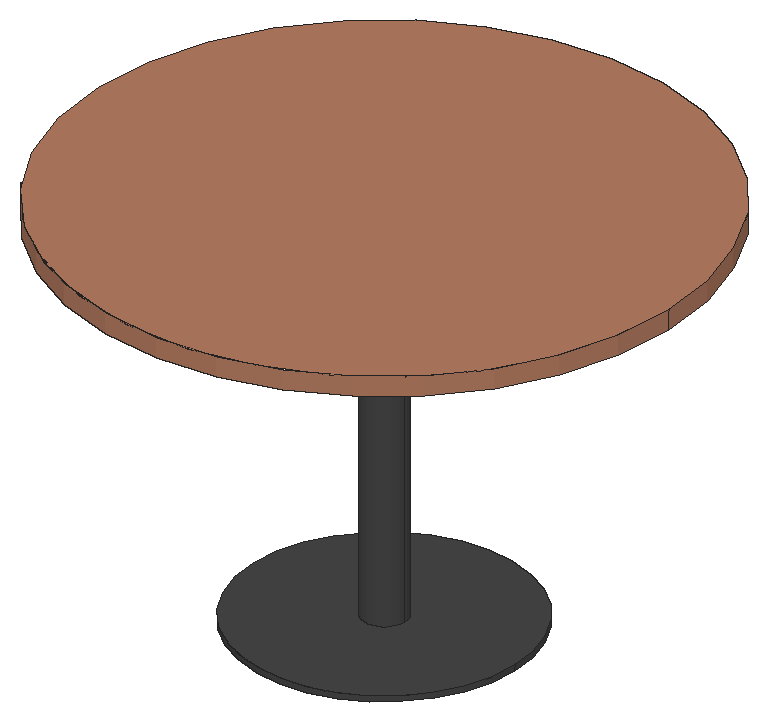
Revit family "Furniture_Table_593 MT", category Furniture, Revit 2019
Family settings
  OmniClass Number = 23.21.23.15.17
  Work Plane-Based = Yes
  Always vertical = No
  Cut with Voids When Loaded = No
  Shared = No
  Room Calculation Point = No
Parameters (values of type "593 MT - ROUND TOP 44"")
  Youtube clip = ""
  Uniformat II Description = "Movable Furnishings"
  Uniformat II Code = ""
  Uniclass 2015 Name = ""
  Uniclass 2015 Code = ""
  Uniclass 2.0 Description = ""
  Uniclass 2.0 Code = ""
  Uniclass 1.4 Description = ""
  Uniclass 1.4 Code = ""
  UNSPSC Code = ""
  Type Top = TP01 - 593 - Round 110 : TP01 - 593 - Round 110
  Technical description = ""
  Top Material = Wood - Cherry
  Frame Material = Steel - Paint Finish - Black
  Region South America = "All"
  Region Oceania = "All"
  Region North America = "All"
  Region Middle East = "All"
  Region Europe = "All"
  Region Asia = "All"
  Region Antarctica = "All"
  Region Africa = "All"
  QR code = "https://www.sandlerseating.com/product/593-mt/"
  Product url = "https://www.sandlerseating.com/product/593-mt/"
  Product name = "593 MT - ROUND TOP 44\""
  Product group = "Table"
  Product family = "Furniture"
  Product data url = "https://www.sandlerseating.com/product/593-mt/"
  Product certification = ""
  Product SKU = "??"
  Product Guid = "??"
  OmniClass Description = ""
  OmniClass Code = "23-21 23 15 17"
  NBS Reference Description = ""
  NBS Reference Code = ""
  Model = "593 MT - ROUND TOP 44\""
  Masterformat 2014 Description = "Table Mats"
  Masterformat 2014 Code = "12 48 43.13"
  Manufacturer name = "Sandler"
  Manufacturer country = "USA"
  Manufacturer = "Sandler"
  Installation instructions = ""
  IFC Classification = "Furnishing Element"
  GTIN code = ""
  Edition number = 1
  Design country = "Brasil"
  Description = "Table"
  Default Elevation = 0.000 mm
  Date of publishing = ""
  COBIe Type Category = ""
  Brand url = "https://www.sandlerseating.com/"
  BIMobject main category code = "furniture"
  BIMobject main category = "Furniture"
  BIMobject category code = "furniture-table"
  BIMobject category = "Table"
Types (5, lengths in mm): name | Type Top | Product name | Model
  593 MT - ROUND TOP 44" | TP01 - 593 - Round 110 : TP01 - 593 - Round 110 | "593 MT - ROUND TOP 44\"" | "593 MT - ROUND TOP 44\""
  593 MT - ROUND TOP 48" | TP01 - 593 - Round 120 : TP01 - 593 - Round 120 | "593 MT - ROUND TOP 48\"" | "593 MT - ROUND TOP 48\""
  593 MT - ROUND TOP 52" | TP01 - 593 - Round 130 : TP01 - 593 - Round 130 | "593 MT - ROUND TOP 52\"" | "593 MT - ROUND TOP 52\""
  593 MT - SQUARE TOP 44" | TP01 - 593 - Square 110 : TP01 - 593 - Square 110 | "593 MT - SQUARE TOP 44\"" | "593 MT - SQUARE TOP 44\""
  593 MT - SQUARE TOP 40" | TP01 - 593 - Square 100 : TP01 - 593 - Square 100 | "593 MT - SQUARE TOP 40\"" | "593 MT - SQUARE TOP 40\""
Reference planes
  plane 1 "Center Front/Back": y = 0
  plane 2: z = 0
  plane 3 "Center Left/Right": x = 0
Forms (mm)
  Extrusion 1, solid, material "Steel - Paint Finish - Black" <- "Frame Material"
    sketch origin (0, 0, 800) x (-1, 0, 0) y (0, -1, 0)
      loop
        circle (0, 0) r 39.37
    from -790 to -105
  Extrusion 2, solid, material "Steel - Paint Finish - Black" <- "Frame Material"
    sketch origin (0, 0, 795) x (-1, 0, 0) y (0, -1, 0)
      loop
        circle (0, 0) r 252.5
    from -795 to -785
Dimensions and locks
  aligned and locked: level to plane 2
Nested families
  nested 1: "TP01 - 593 - Round 110" at (0, 0, 695), Top Material <- "Top Material", type <- "Type Top", type "TP01 - 593 - Round 110"
    with Top Material Wood - Cherry
Definition of nested family "TP01 - 593 - Round 110"
  Parameters (values of type "TP01 - 593 - Round 110")
    Top Material [instance] = none
  Reference planes
    plane 1 "Center (Front/Back)": y = 0
    plane 2: z = 0
    plane 3 "Center (Left/Right)": x = 0
  Forms (mm)
    Extrusion 1, solid, material <- "Top Material"
      sketch origin (0, 0, -215) x (-1, 0, 0) y (0, -1, 0)
        loop
          circle (0, 0) r 550
      from 215 to 250
  Dimensions and locks
    aligned and locked: level to plane 2
